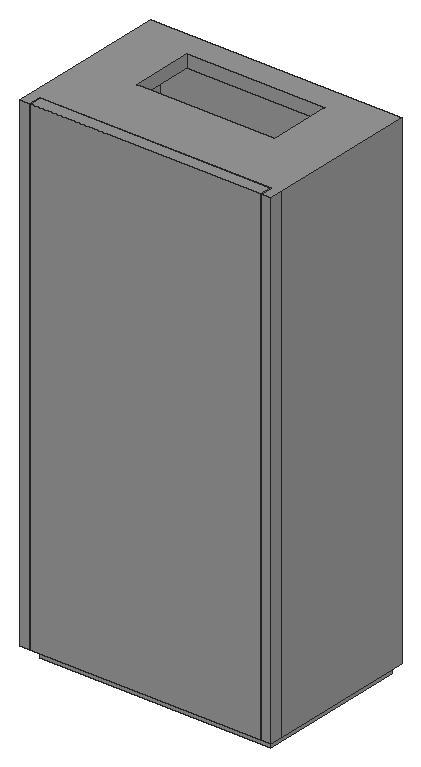
Revit family "P5D", category 櫥櫃, Revit 2023
Family settings
  OmniClass 編號 = 23.40.35.00
  OmniClass 標題 = Casework
  以工作平面為基礎 = 否
  總是垂直 = 是
  載入時使用空心切割 = 否
  共用 = 否
  房間計算點 = 否
Parameters
  預設高程 = 0 mm
  深度 = 650 mm
  高度 = 2000 mm
  寬度 = 1000 mm
Reference planes
  plane 1 "後": y = 0
  plane 2: z = 0
  plane 3 "中心 (左/右)": x = 44.7
  plane 4 "前": y = -650
  plane 5 "左": x = -455.3
  plane 6 "右": x = 544.7
  plane 7 "頂部": z = 2000
Forms (mm)
  Extrusion 1, solid, material "鐵、鍛造"
    sketch origin (0, 0, 0) x (1, 0, 0) y (0, 1, 0)
      loop
        line (-455.3, 0) -> (-455.3, -600) -> (-455.3, -650) -> (-415.3, -650) -> (-415.3, -600) -> (504.7, -600) -> (504.7, -650) -> (544.7, -650) -> (544.7, -600) -> (544.7, 0) -> (-455.3, 0)
    from 50 to 2000
  Extrusion 2, void
    sketch origin (-15, -650, 0) x (1, 0, 0) y (0, 0, 1)
      loop
        line (-365.3, 1950) -> (-365.3, 50) -> (454.7, 50) -> (454.7, 1950) -> (-365.3, 1950)
    from -50 to -600
  Extrusion 3, solid, material "鐵、鍛造"
    sketch origin (11.19, 0, 0) x (1, 0, 0) y (0, 1, 0)
      loop
        line (-426.49, -650) -> (493.51, -650) -> (493.51, -600) -> (-426.49, -600) -> (-426.49, -650)
    from 50 to 2000
  Extrusion 4, void
    sketch origin (0, 0, 0) x (1, 0, 0) y (0, 1, 0)
      loop
        line (-230.3, -100) -> (-230.3, -350) -> (319.7, -350) -> (319.7, -100) -> (-230.3, -100)
    from 1950 to 2000
  Extrusion 5, solid, material "鐵、鍛造"
    sketch origin (0, 0, 0) x (1, 0, 0) y (0, 1, 0)
      loop
        line (-415.3, -600) -> (504.7, -600) -> (504.7, 0) -> (-415.3, 0) -> (-415.3, -600)
    from 0 to 50
Cuts and joins
  Extrusion 2, Extrusion 4 cuts Extrusion 1
Dimensions and locks
  "寬度": plane 6 "右" to plane 5 "左"
  equal spacing: plane 6 "右", plane 3 "中心 (左/右)", plane 5 "左"
  "深度": plane 4 "前" to plane 1 "後"
  "高度": level to plane 7 "頂部"
  aligned and locked: level to plane 2
Automatic sketch dimensions
  level to Extrusion 2 sketch curve = 50 mm
  plane 5 "左" to Extrusion 2 sketch curve = 75 mm
  Extrusion 2 sketch curve to plane 6 "右" = 105 mm
  plane 7 "頂部" to Extrusion 2 sketch curve = 50 mm
  plane 4 "前" to Extrusion 3 sketch curve = 0 mm
  plane 5 "左" to Extrusion 3 sketch curve = 40 mm
  Extrusion 3 sketch curve to plane 4 "前" = 50 mm
  Extrusion 3 sketch curve to plane 6 "右" = 40 mm
  plane 5 "左" to Extrusion 4 sketch curve = 225 mm
  plane 3 "中心 (左/右)" to Extrusion 4 sketch curve = 275 mm
  Extrusion 4 sketch curve to plane 4 "前" = 300 mm
  plane 1 "後" to Extrusion 4 sketch curve = 100 mm
  Extrusion 1 sketch curve to plane 5 "左" = 0 mm
  plane 4 "前" to Extrusion 1 sketch curve = 0 mm  (x2)
  plane 1 "後" to Extrusion 1 sketch curve = 0 mm
  Extrusion 1 sketch curve to plane 6 "右" = 0 mm
  plane 5 "左" to Extrusion 1 sketch curve = 40 mm
  Extrusion 1 sketch curve to plane 6 "右" = 40 mm
  Extrusion 1 sketch curve to plane 4 "前" = 50 mm
  Extrusion 1 sketch curve to Extrusion 1 sketch curve = 0 mm  (x2)
  plane 1 "後" to Extrusion 5 sketch curve = 0 mm
  plane 5 "左" to Extrusion 5 sketch curve = 40 mm
  Extrusion 5 sketch curve to plane 6 "右" = 40 mm
  Extrusion 5 sketch curve to plane 4 "前" = 50 mm
